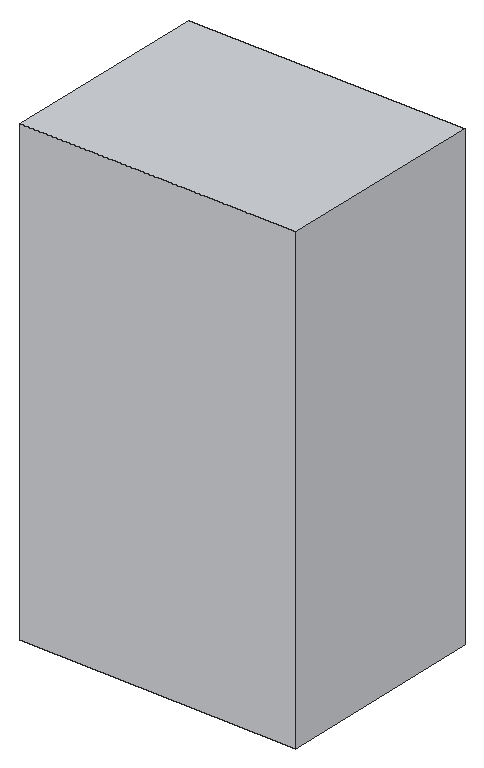
Revit family
Parameters
  Warranty Duration (Years) = 0
  Unit Width [instance] = 1' - 4"
  Unit Height [instance] = 0' - 9 99/256"
  Unit Depth = 0' - 0"
  URL = "http://www.americanspecialties.com/viewCategories.cfm"
  Trim Material = Metal - Stainless Steel
  Test Data = ""
  Specification = "http://www.arcat.com/sdspecs/htm/10810asi.htm"
  SpecWizard = ""
  Send Message = "http://www.arcat.com/users.pl?action=UserEmail&company=American%20Specialties,%20Inc.&coid=30448&rep=139&fax=914-476-0688&mf="
  Sales Information = "http://www.americanspecialties.com/contact"
  Revision = "R1_10-2010"
  Rod [instance] = 1' - 1 3/4"
  Product Properties = "http://www.americanspecialties.com/datasheets/82082.pdf"
  Product Data = "http://www.arcat.com/arcatcos/cos30/arc30448.html"
  Model = "As Specified in 10 28 13"
  Manufacturer Website = "http://www.americanspecialties.com/viewCategories.cfm"
  Manufacturer Phone - Toll Free = ""
  Manufacturer Phone = "914-476-9000 "
  Manufacturer Fax = "914-476-0688"
  Manufacturer Address = "441 Saw Mill River Rd., Yonkers, NY 10701"
  Manufacturer = "American Specialties, Inc."
  Maintenance Schedule (Months) = 0
  Keynote = "10 28 13"
  Installation-Fabrication = "http://www.americanspecialties.com/products.cfm"
  Green Building-LEED = ""
  Expected Lifespan (Years) = 0
  Drawn By = "Robert S. Weygant. CSI, CDT, SCIP"  # constant formula
  Description = "Toilet Accessory as Specified in 10 28 13"
  Default Elevation = 4' - 0"
  Copyright = "©Arcat Inc."
  Construction Details = "http://www.arcat.com/green/clients/leed_data_30448.html"
  Building Codes = "http://www.americanspecialties.com/products.cfm"
  Body Material = Metal - Stainless Steel
  Assembly Code = "C1030210"
Reference planes (in)
  plane 1 "Center (Front/Back)": y = -0.29112
  plane 2 "Floor Line": z = 0
  plane 3 "Center (Left/Right)": x = -0.65843
  plane 4: z = 52.69336
  plane 5: x = -8.65843
  plane 6: x = 7.34157
  plane 7: z = 48
  plane 8: z = 57.38672
Forms (in)
  Extrusion 1, solid
    sketch origin (-3, -9, -6) x (0, 0, -1) y (1, 0, 0)
      loop
        line (-82, 26) -> (-82, -19.34712) -> (-6, -19.34712) -> (-6, 26) -> (-82, 26)
    from 9 to -25.60721
  Sweep 2, solid, material "Metal - Stainless Steel" <- "Body Material"
    path origin (-5.64758, -3.1206, 4.13023) x (1, 0, 0) y (0, -0.5, -0.866025)
      loop
        line (-3.01085, 0) -> (-3.01085, 2.57066)
        arc (-3.01085, 2.57066) -> (-2.59221, 3.58136) -> (-1.58151, 4) r 1.42934
        line (-1.58151, 4) -> (11.79761, 4)
        arc (11.79761, 4) -> (12.64016, 3.651) -> (12.98915, 2.80846) r 1.19154
        line (12.98915, 2.80846) -> (12.98915, 0)
    profile origin (-8.65843, -3.76327, 3.0171) x (-1, 0, 0) y (0, 0.866025, -0.5)
      loop
        circle (0, 0) r 0.5
  Extrusion 3, solid, material "Metal - Stainless Steel" <- "Body Material"
    sketch origin (39.96841, -4.89511, 5.50069) x (0, 0, -1) y (0, 1, 0)
      loop
        circle (-8.74931, 11.69648) r 0.5
    from -25.62684 to -55.62684
  Extrusion 4, solid, material "Metal - Stainless Steel" <- "Body Material"
    sketch origin (-2.15843, 10.13464, -5.81661) x (0, 1, 0) y (0, 0, 1)
      loop
        line (-8.53943, 7.19161) -> (-15.41443, 7.19161)
        arc (-15.41443, 7.19161) -> (-15.76799, 7.04516) -> (-15.91443, 6.69161) r 0.5
        line (-15.91443, 6.69161) -> (-15.91443, 6.06661) -> (-16.41443, 6.06661) -> (-16.41443, 5.94161) -> (-15.78943, 5.94161) -> (-15.78943, 6.69161)
        arc (-15.78943, 6.69161) -> (-15.6796, 6.95677) -> (-15.41443, 7.06661) r 0.375
        line (-15.41443, 7.06661) -> (-8.53943, 7.06661)
        arc (-8.53943, 7.06661) -> (-8.27427, 6.95677) -> (-8.16443, 6.69161) r 0.375
        line (-8.16443, 6.69161) -> (-8.16443, 5.94161) -> (-7.53943, 5.94161) -> (-7.53943, 6.06661) -> (-8.03943, 6.06661) -> (-8.03943, 6.69161)
        arc (-8.03943, 6.69161) -> (-8.18588, 7.04516) -> (-8.53943, 7.19161) r 0.5
    from 0 to 3
  Extrusion 5, solid, material "Metal - Stainless Steel" <- "Body Material"
    sketch origin (-0.65843, 0, -0.06661) x (0, 1, 0) y (0, 0, 1)
      loop
        line (2.59521, 0.19161) -> (-6.27979, 0.19161) -> (-6.27979, 0.06661) -> (2.59521, 0.06661) -> (2.59521, 0.19161)
    from -1.5 to 1.5
  Sweep 6, solid, material "Metal - Stainless Steel" <- "Body Material"
    path origin (-0.65843, -0.20055, 0) x (0, 1, 0) y (0, 0, 1)
      loop
        line (6.93958, 3.12719) -> (4.53957, 3.12719)
        arc (4.53957, 3.12719) -> (3.83246, 2.8343) -> (3.53957, 2.12719) r 1
        line (3.53957, 2.12719) -> (3.53957, 0.125)
    profile origin (-0.65843, 5.53903, 3.12719) x (0, 0, -1) y (1, 0, 0)
      loop
        circle (0, -9.75) r 0.5
  Extrusion 7, solid, material "Metal - Stainless Steel" <- "Body Material"
    sketch origin (0.23502, -0.29667, 0) x (1, 0, 0) y (0, 1, 0)
      loop
        circle (-10.63841, 3.66053) r 1.13038
      loop
        circle (-10.63636, 2.77254) r 0.125
      loop
        circle (-9.87041, 4.1063) r 0.125
      loop
        circle (-11.40641, 4.1063) r 0.125
    from 0 to 0.125
  Sweep 8, solid, material "Metal - Stainless Steel" <- "Body Material"
    path origin (-4.65843, -5.12677, 4.66778) x (0, 0, -1) y (0, -1, 0)
      loop
        line (0.53755, -2.00616) -> (-3.33278, -4.24069)
        arc (-3.33278, -4.24069) -> (-4.14475, -4.82505) -> (-4.82414, -5.55934) r 5
        line (-4.82414, -5.55934) -> (-9.59645, -11.88449)
    profile origin (-4.65843, -2.00334, 6.06539) x (0, 0.866025, -0.5) y (-1, 0, 0)
      loop
        circle (0, 4) r 0.5
  Extrusion 9, solid, material "Metal - Stainless Steel" <- "Body Material"
    sketch origin (-1.5448, -0.29667, 0) x (-1, 0, 0) y (0, -1, 0)
      loop
        circle (-10.63841, -3.66053) r 1.13038
      loop
        circle (-10.63636, -2.77254) r 0.125
      loop
        circle (-9.87041, -4.1063) r 0.125
      loop
        circle (-11.40641, -4.1063) r 0.125
    from 0 to 0.125
  Sweep 10, solid, material "Metal - Stainless Steel" <- "Body Material"
    path origin (-1.84593, -0.20055, 0) x (0, 1, 0) y (0, 0, -1)
      loop
        line (6.93958, -3.12719) -> (4.53957, -3.12719)
        arc (4.53957, -3.12719) -> (3.83246, -2.8343) -> (3.53957, -2.12719) r 1
        line (3.53957, -2.12719) -> (3.53957, -0.125)
    profile origin (-1.84593, 5.53903, 3.12719) x (0, 0, 1) y (-1, 0, 0)
      loop
        circle (0, -10.9375) r 0.5
  Sweep 11, solid, material "Metal - Stainless Steel" <- "Body Material"
    path origin (3.34157, -5.12677, 4.66778) x (0, 0, -1) y (0, 1, 0)
      loop
        line (0.53755, 2.00616) -> (-3.33278, 4.24069)
        arc (-3.33278, 4.24069) -> (-4.14475, 4.82505) -> (-4.82414, 5.55934) r 5
        line (-4.82414, 5.55934) -> (-9.59645, 11.88449)
    profile origin (3.34157, -2.00334, 6.06539) x (0, -0.866025, 0.5) y (1, 0, 0)
      loop
        circle (0, 4) r 0.5
  Extrusion 12, solid, material "Metal - Stainless Steel" <- "Body Material"
    sketch origin (39.96841, -4.89511, 11.87431) x (0, 0, 1) y (0, -1, 0)
      loop
        circle (-8.74931, -11.69648) r 0.5
    from -25.62684 to -55.62684
  Extrusion 13, solid, material "Metal - Stainless Steel" <- "Body Material"
    sketch origin (-7.18862, -5.29864, 5.68346) x (-1, 0, 0) y (0, 0, 1)
      loop
        line (-21.53018, -3.49596) -> (-20.28018, -3.49596) -> (-20.28018, 9.50404) -> (-21.53018, 9.50404) -> (-21.53018, -3.49596)
    from 11.3463 to 12.6
  Extrusion 14, solid, material "Metal - Stainless Steel" <- "Body Material"
    sketch origin (5.87175, -5.29864, 5.68346) x (1, 0, 0) y (0, 0, -1)
      loop
        line (-21.53018, 3.49596) -> (-21.53018, -16.50404) -> (-20.28018, -16.50404) -> (-20.28018, 3.49596) -> (-21.53018, 3.49596)
    from 11.3463 to 12.6
  Extrusion 15, solid, material "Metal - Stainless Steel" <- "Body Material"
    sketch origin (-26.6047, -5.29864, 5.68346) x (-1, 0, 0) y (0, 0, 1)
      loop
        line (-21.53018, -3.49596) -> (-20.28018, -3.49596) -> (-20.28018, 16.50404) -> (-21.53018, 16.50404) -> (-21.53018, -3.49596)
    from 11.3463 to 12.6
  Extrusion 16, solid, material "Metal - Stainless Steel" <- "Trim Material"
    sketch origin (-42.16395, 7.69056, -16.72134) x (-1, 0, 0) y (0, 0, -1)
      loop
        line (-36.75552, -39.65884) -> (-27.25552, -39.65884)
        arc (-27.25552, -39.65884) -> (-25.84131, -39.07305) -> (-25.25552, -37.65884) r 2
        line (-25.25552, -37.65884) -> (-25.25552, -36.65884) -> (-38.75552, -36.65884) -> (-38.75552, -37.65884)
        arc (-38.75552, -37.65884) -> (-38.16973, -39.07305) -> (-36.75552, -39.65884) r 2
      loop
        line (-27.25552, -18.15884) -> (-56.56802, -18.15884)
        arc (-56.56802, -18.15884) -> (-57.76126, -18.65309) -> (-58.25552, -19.84634) r 1.6875
        line (-58.25552, -19.84634) -> (-58.25552, -21.53384) -> (-25.25552, -21.53384) -> (-25.25552, -20.15884)
        arc (-25.25552, -20.15884) -> (-25.84131, -18.74462) -> (-27.25552, -18.15884) r 2
      loop
        line (-55.63052, -32.65884) -> (-25.25552, -32.65884) -> (-25.25552, -29.28384) -> (-58.25552, -29.28384) -> (-58.25552, -30.03384)
        arc (-58.25552, -30.03384) -> (-57.48668, -31.88999) -> (-55.63052, -32.65884) r 2.625
      loop
        line (-38.75552, -33.15884) -> (-38.75552, -36.15884) -> (-25.25552, -36.15884) -> (-25.25552, -33.15884) -> (-38.75552, -33.15884)
      loop
        line (-58.25552, -28.78384) -> (-25.25552, -28.78384) -> (-25.25552, -25.65884) -> (-58.25552, -25.65884) -> (-58.25552, -28.78384)
      loop
        line (-58.25552, -25.15884) -> (-25.25552, -25.15884) -> (-25.25552, -22.03384) -> (-58.25552, -22.03384) -> (-58.25552, -25.15884)
    from 0 to 0.375
Cuts and joins
  joined: Sweep 2, Extrusion 3, Sweep 8, Sweep 11
  joined: Sweep 6, Extrusion 7
Dimensions and locks (in)
  equal spacing: plane 8, plane 4, plane 7
  equal spacing: plane 6, plane 3 "Center (Left/Right)", plane 5
  "Unit Width": plane 6 to plane 5
  "Unit Height": plane 8 to plane 7
  "Default Elevation": plane 7 to plane 2 "Floor Line"
  Sweep 2 sketch curve to Sweep 2 sketch curve = 1' - 4"
  "Unit Width": Sweep 2 sketch curve to Sweep 2 sketch curve
  Extrusion 4 sketch curve to Extrusion 4 sketch curve = 0' - 1 1/8"
  Extrusion 4 sketch curve to Extrusion 4 sketch curve = 0' - 0 1/8"
  locked: Extrusion 16 sketch curve to Extrusion 16 sketch curve at 14.5
  radius of Sweep 2 sketch curve = 0' - 1.42934"
  radius of Sweep 2 sketch curve = 0' - 1.19154"
  aligned and locked: Extrusion 1 to level
  aligned and locked: plane 5 to Sweep 2 sketch curve
  aligned and locked: Extrusion 5 to Extrusion 4
  aligned and locked: Extrusion 4 sketch curve to Extrusion 5
Automatic sketch dimensions
  Extrusion 1 sketch curve to Extrusion 1 sketch curve = 6' - 4"
  Extrusion 1 sketch curve to Extrusion 1 sketch curve = 3' - 9.34712"
  Sweep 2 sketch curve to Sweep 2 sketch curve = 0' - 0"
  Sweep 2 sketch curve to Sweep 2 sketch curve = 0' - 2.57066"
  Sweep 2 sketch curve to profile plane = 0' - 0"  (x2)
  Extrusion 3 sketch curve to plane 1 "Center (Front/Back)" = 0' - 7.09248"
  level to Extrusion 3 sketch curve = 1' - 2 1/4"
  Extrusion 4 sketch curve to Extrusion 4 sketch curve = 0' - 0"  (x4)
  level to Extrusion 4 sketch curve = 0' - 0 1/4"
  plane 1 "Center (Front/Back)" to Extrusion 4 sketch curve = 0' - 5.98868"
  Extrusion 4 sketch curve to Extrusion 4 sketch curve = 0' - 0 1/2"  (x2)
  Extrusion 4 sketch curve to Extrusion 4 sketch curve = 0' - 0 1/8"  (x2)
  Extrusion 4 sketch curve to Extrusion 4 sketch curve = 0' - 0 3/8"  (x2)
  Extrusion 4 sketch curve to plane 1 "Center (Front/Back)" = 0' - 1.88632"
  level to Extrusion 4 sketch curve = 0' - 0 1/8"
  Extrusion 5 sketch curve to level = 0' - 0"
  level to Extrusion 5 sketch curve = 0' - 0 1/8"
  plane 1 "Center (Front/Back)" to Extrusion 5 sketch curve = 0' - 5.98868"
  Extrusion 5 sketch curve to plane 1 "Center (Front/Back)" = 0' - 2.88632"
  level to Sweep 6 sketch curve = 0' - 0 1/8"
  Sweep 6 sketch curve to plane 1 "Center (Front/Back)" = 0' - 3.63014"
  Sweep 6 sketch curve to Sweep 6 sketch curve = 0' - 1"
  Sweep 6 sketch curve to Sweep 6 sketch curve = 0' - 2.40001"
  Sweep 6 sketch curve to Sweep 6 sketch curve = 0' - 2.00219"
  Sweep 6 sketch curve to profile plane = 0' - 0"
  Sweep 6 sketch curve to plane 3 "Center (Left/Right)" = 0' - 9 3/4"
  Extrusion 7 sketch curve to plane 5 = 0' - 2.51295"
  Extrusion 7 sketch curve to Extrusion 7 sketch curve = 0' - 0.768"  (x2)
  Extrusion 7 sketch curve to Extrusion 7 sketch curve = 0' - 0.00205"
  Extrusion 7 sketch curve to plane 1 "Center (Front/Back)" = 0' - 2.76699"
  Extrusion 7 sketch curve to Extrusion 7 sketch curve = 0' - 0.88799"
  Extrusion 7 sketch curve to Extrusion 7 sketch curve = 0' - 0.44577"  (x2)
  Sweep 8 sketch curve to plane 1 "Center (Front/Back)" = 0' - 7.04884"
  level to Sweep 8 sketch curve = 1' - 2.26423"
  Sweep 8 sketch curve to plane 1 "Center (Front/Back)" = 0' - 0.7237"
  Sweep 8 sketch curve to Sweep 8 sketch curve = 0' - 4.77231"
  plane 1 "Center (Front/Back)" to Sweep 8 sketch curve = 0' - 0.59495"
  Sweep 8 sketch curve to Sweep 8 sketch curve = 0' - 1.49137"
  Sweep 8 sketch curve to plane 1 "Center (Front/Back)" = 0' - 3.73517"
  level to Sweep 8 sketch curve = 0' - 4.13023"
  plane 1 "Center (Front/Back)" to Sweep 8 sketch curve = 0' - 2.82949"
  Sweep 8 sketch curve to profile plane = 0' - 0"
  profile plane to Sweep 8 sketch curve = 0' - 4"
  Extrusion 9 sketch curve to plane 6 = 0' - 2.52004"
  Extrusion 9 sketch curve to Extrusion 9 sketch curve = 0' - 0.768"  (x2)
  Extrusion 9 sketch curve to Extrusion 9 sketch curve = 0' - 0.00205"
  plane 1 "Center (Front/Back)" to Extrusion 9 sketch curve = 0' - 2.76699"
  Extrusion 9 sketch curve to Extrusion 9 sketch curve = 0' - 0.88799"
  Extrusion 9 sketch curve to Extrusion 9 sketch curve = 0' - 0.44577"  (x2)
  level to Sweep 10 sketch curve = 0' - 0 1/8"
  Sweep 10 sketch curve to plane 1 "Center (Front/Back)" = 0' - 3.63014"
  Sweep 10 sketch curve to Sweep 10 sketch curve = 0' - 1"
  Sweep 10 sketch curve to Sweep 10 sketch curve = 0' - 2.40001"
  Sweep 10 sketch curve to Sweep 10 sketch curve = 0' - 2.00219"
  Sweep 10 sketch curve to profile plane = 0' - 0"
  Sweep 10 sketch curve to profile plane = 0' - 10 15/16"
  Sweep 11 sketch curve to plane 1 "Center (Front/Back)" = 0' - 7.04884"
  level to Sweep 11 sketch curve = 1' - 2.26423"
  Sweep 11 sketch curve to plane 1 "Center (Front/Back)" = 0' - 0.7237"
  Sweep 11 sketch curve to Sweep 11 sketch curve = 0' - 4.77231"
  plane 1 "Center (Front/Back)" to Sweep 11 sketch curve = 0' - 0.59495"
  Sweep 11 sketch curve to Sweep 11 sketch curve = 0' - 1.49137"
  Sweep 11 sketch curve to plane 1 "Center (Front/Back)" = 0' - 3.73517"
  level to Sweep 11 sketch curve = 0' - 4.13023"
  plane 1 "Center (Front/Back)" to Sweep 11 sketch curve = 0' - 2.82949"
  Sweep 11 sketch curve to profile plane = 0' - 0"
  profile plane to Sweep 11 sketch curve = 0' - 4"
  level to Extrusion 12 sketch curve = 0' - 3 1/8"
  Extrusion 12 sketch curve to plane 1 "Center (Front/Back)" = 0' - 7.09248"
  plane 6 to Extrusion 13 sketch curve = 0' - 7"
  Extrusion 13 sketch curve to Extrusion 13 sketch curve = 0' - 1 1/4"
  level to Extrusion 13 sketch curve = 0' - 2 3/16"
  Extrusion 13 sketch curve to Extrusion 13 sketch curve = 1' - 1"
  Extrusion 14 sketch curve to plane 5 = 0' - 7"
  Extrusion 14 sketch curve to Extrusion 14 sketch curve = 0' - 1 1/4"
  level to Extrusion 14 sketch curve = 0' - 2 3/16"
  plane 5 to Extrusion 15 sketch curve = 0' - 3.58392"
  Extrusion 15 sketch curve to Extrusion 15 sketch curve = 0' - 1 1/4"
  level to Extrusion 15 sketch curve = 0' - 2 3/16"
  plane 6 to Extrusion 16 sketch curve = 0' - 8 3/4"
  Extrusion 16 sketch curve to Extrusion 16 sketch curve = 0' - 0"  (x8)
  Extrusion 16 sketch curve to Extrusion 16 sketch curve = 0' - 1 11/16"
  Extrusion 16 sketch curve to Extrusion 16 sketch curve = 0' - 2 5/8"
  Extrusion 16 sketch curve to plane 3 "Center (Left/Right)" = 0' - 2 3/4"
  Extrusion 16 sketch curve to Extrusion 16 sketch curve = 0' - 2"  (x3)
  Extrusion 16 sketch curve to plane 5 = 0' - 6 1/4"  (x2)
  level to Extrusion 16 sketch curve = 0' - 1 7/16"
  Extrusion 16 sketch curve to Extrusion 16 sketch curve = 0' - 0 1/2"  (x5)
  Extrusion 16 sketch curve to Extrusion 16 sketch curve = 0' - 3"
  Extrusion 16 sketch curve to Extrusion 16 sketch curve = 0' - 1"
  Extrusion 16 sketch curve to Extrusion 16 sketch curve = 0' - 3 3/8"
  Extrusion 16 sketch curve to Extrusion 16 sketch curve = 0' - 3 1/8"
  Extrusion 16 sketch curve to Extrusion 16 sketch curve = 0' - 2 3/16"
  Extrusion 14 sketch curve to Extrusion 14 sketch curve = 1' - 8"
  Extrusion 15 sketch curve to Extrusion 15 sketch curve = 1' - 8"
  radius of Sweep 2 sketch curve = 0' - 0 1/2"
  radius of Extrusion 3 sketch curve = 0' - 0 1/2"
  radius of Sweep 6 sketch curve = 0' - 0 1/2"
  radius of Extrusion 7 sketch curve = 0' - 1.13038"
  radius of Extrusion 7 sketch curve = 0' - 0 1/8"  (x3)
  radius of Sweep 8 sketch curve = 0' - 0 1/2"
  radius of Extrusion 9 sketch curve = 0' - 1.13038"
  radius of Extrusion 9 sketch curve = 0' - 0 1/8"  (x3)
  radius of Sweep 10 sketch curve = 0' - 0 1/2"
  radius of Sweep 11 sketch curve = 0' - 0 1/2"
  radius of Extrusion 12 sketch curve = 0' - 0 1/2"
